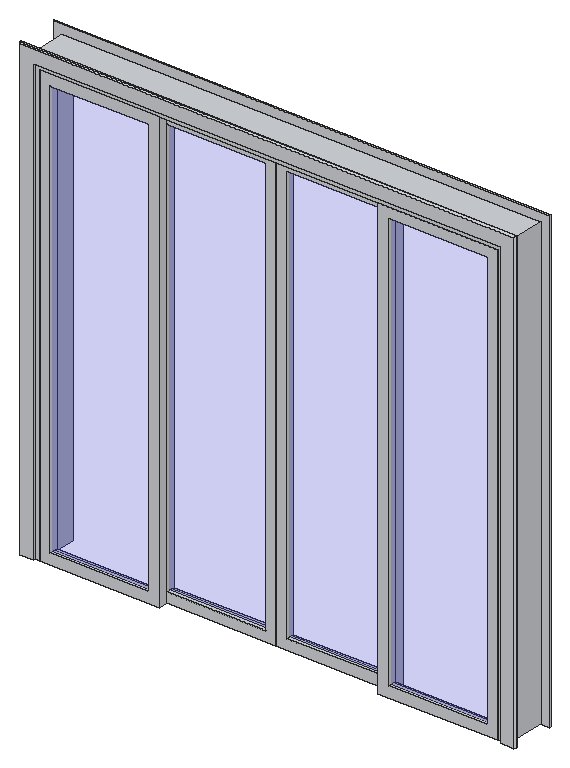
Revit family "Porta envidraçada de correr quádrupla com revestimento", category Portas, Revit 2019
Family settings
  Hospedeiro = Parede
  Número OmniClass = 23.30.10.00
  Título OmniClass = Doors
  Sempre na vertical = Sim
  Corte com vazios quando carregada = Não
  Compartilhado = Não
  Ponto de cálculo do ambiente = Não
Parameters (values of type "2320 x 2180mm")
  Visual Light Transmittance = 0.9
  Largura da apara = 70 mm
  Espessura da apara = 10 mm
  Material da apara = none
  Espessura = 0 mm
  Solar Heat Gain Coefficient = 0.78
  Rough Width = Width  # 2320 mm
  Rough Height = Height  # 2180 mm
  Largura da moldura do painel = 50 mm
  Espessura da moldura do painel = 40 mm
  ID do tipo de construção = ""
  Coeficiente de transferência de calor (U) = 3.6886 W/(m²·K)
  Largura do puxador = 40 mm
  Material do puxador = none
  Altura do puxador = 200 mm
  Vidro = none
  Função = Exterior
  Largura da estrutura = 50 mm
  Height = 2180 mm
  Fechamento da parede = Por hospedeiro
  Width = 2320 mm
  Material da moldura = none
  Construção analítica = Vidraça única Pilkington 1/8 pol
Types (5, lengths in mm): name | Rough Width | Width
  (no name) | 2320 | 2320
  2320 x 2180mm | 2320 | 2320
  2720 x 2180mm | 2720 | 2720
  3120 x 2180mm | 3120 | 3120
  3520 x 2180mm | 3520 | 3520
Reference planes
  plane 1: y = 0
  plane 2 "Centro (Esquerda/Direita)": x = 0
  plane 3 "Esquerda": x = -1160
  plane 4 "Direita": x = 1160
  plane 5: z = 2180
  plane 6 "Exterior": y = 100
  plane 7 "Interior": y = -100
  plane 8: x = -1110
  plane 9: x = -1060
  plane 10: x = 1060
  plane 11: x = 1110
  plane 12: y = -60
  plane 13: z = 0
  plane 14: z = 2080
  plane 15: z = 50
  plane 16: z = 2130
  plane 17: z = 1065
  plane 18: x = 555
  plane 19: x = -555
  plane 20: y = -100
  plane 21: y = -55
  plane 22: y = -15
  plane 23: y = -80
  plane 24: y = -35
  plane 25: y = -28
  plane 26: y = -42
  plane 27: y = -73
  plane 28: y = -87
  plane 29: x = -580
  plane 30: x = -530
  plane 31: x = 580
  plane 32: x = 530
  plane 33: x = -50
  plane 34: x = 50
  plane 35: x = 290
  plane 36: x = -290
  plane 37: x = -25
  plane 38: x = 25
  plane 39: z = 1000
  plane 40: z = 800
  plane 41: x = 45
  plane 42: x = 5
  plane 43: x = -5
  plane 44: x = -45
  plane 45: z = 962
  plane 46: z = 838
  plane 47: x = 42
  plane 48: x = 8
  plane 49: x = -8
  plane 50: x = -42
  plane 51: z = 1065
  plane 52: x = 427.5
  plane 53: through (427.5, 300, 1065) normal (0.5, 0, 0.866)
  plane 54: through (427.5, 300, 1065) normal (-0.5, 0, 0.866)
  plane 55: x = 152.5
  plane 56: x = -427.5
  plane 57: through (-427.5, 300, 1065) normal (0.5, 0, -0.866)
  plane 58: through (-427.5, 300, 1065) normal (-0.5, 0, -0.866)
  plane 59: x = -152.5
Forms (mm)
  Sweep 1, solid, material <- "Material da moldura"
    path origin (0, 100, 0) x (1, 0, 0) y (0, 0, 1)
      loop
        line (1160, 0) -> (1160, 2180) -> (-1160, 2180) -> (-1160, 0)
    profile origin (1160, 100, 1090) x (-1, 0, 0) y (0, -1, 0)
      loop
        line (0, 0) -> (50, 0) -> (50, 200) -> (0, 200) -> (0, 0)
  Extrusion 2, solid, material <- "Vidro"
    sketch origin (0, 0, 0) x (-1, 0, 0) y (0, -1, 0)
      loop
        line (1060, 73) -> (1060, 87) -> (580, 87) -> (580, 73) -> (1060, 73)
      loop
        line (530, 28) -> (530, 42) -> (50, 42) -> (50, 28) -> (530, 28)
    from 50 to 2080
  Sweep 3, solid, material <- "Material da moldura"
    path origin (0, 100, 50) x (-1, 0, 0) y (0, 0, 1)
      loop
        line (1110, -50) -> (1110, 2080) -> (530, 2080) -> (530, -50) -> (1110, -50)
    profile origin (-1110, 100, 1065) x (-1, 0, 0) y (0, -1, 0)
      loop
        line (-50, 200) -> (-50, 160) -> (0, 160) -> (0, 200) -> (-50, 200)
  Sweep 4, solid, material <- "Material da moldura"
    path origin (0, 100, 0) x (1, 0, 0) y (0, 0, 1)
      loop
        line (0, 0) -> (580, 0) -> (580, 2130) -> (0, 2130) -> (0, 0)
    profile origin (0, 100, 1065) x (-1, 0, 0) y (0, -1, 0)
      loop
        line (-50, 115) -> (0, 115) -> (0, 155) -> (-50, 155) -> (-50, 115)
  Extrusion 5, solid, material <- "Vidro", detail levels fine
    sketch origin (0, 0, 0) x (1, 0, 0) y (0, 1, 0)
      loop
        line (1060, -73) -> (580, -73) -> (580, -87) -> (1060, -87) -> (1060, -73)
      loop
        line (530, -28) -> (50, -28) -> (50, -42) -> (530, -42) -> (530, -28)
    from 50 to 2080
  Sweep 6, solid, material <- "Material da moldura"
    path origin (0, 100, 50) x (1, 0, 0) y (0, 0, 1)
      loop
        line (1110, -50) -> (1110, 2080) -> (530, 2080) -> (530, -50) -> (1110, -50)
    profile origin (1110, 100, 1065) x (-1, 0, 0) y (0, -1, 0)
      loop
        line (50, 160) -> (50, 200) -> (0, 200) -> (0, 160) -> (50, 160)
  Extrusion 7, solid, material <- "Vidro", detail levels fine
    sketch origin (0, 190, 0) x (-1, 0, 0) y (0, -1, 0)
      loop
        line (1060, 263) -> (1060, 277) -> (580, 277) -> (580, 263) -> (1060, 263)
      loop
        line (530, 218) -> (530, 232) -> (50, 232) -> (50, 218) -> (530, 218)
    from 50 to 2080
  Extrusion 8, solid, material <- "Vidro"
    sketch origin (0, 190, 0) x (1, 0, 0) y (0, 1, 0)
      loop
        line (50, -218) -> (50, -232) -> (530, -232) -> (530, -218) -> (50, -218)
      loop
        line (580, -263) -> (580, -277) -> (1060, -277) -> (1060, -263) -> (580, -263)
    from 50 to 2080
  Sweep 9, solid, material <- "Material da moldura"
    path origin (0, 195, 0) x (-1, 0, 0) y (0, 0, 1)
      loop
        line (0, 0) -> (580, 0) -> (580, 2130) -> (0, 2130) -> (0, 0)
    profile origin (0, 195, 1065) x (-1, 0, 0) y (0, -1, 0)
      loop
        line (50, 210) -> (50, 250) -> (0, 250) -> (0, 210) -> (50, 210)
  Sweep 10, solid, material <- "Material da apara", detail levels fine
    path origin (0, -100, 0) x (1, 0, 0) y (0, 0, 1)
      loop
        line (1160, 0) -> (1160, 2180) -> (-1160, 2180) -> (-1160, 0)
    profile "Perfil da apara : Perfil da apara" origin (1160, -100, 1090) x (-1, 0, 0) y (0, -1, 0)
      loop
        line (-43, 0) -> (27, 0) -> (27, 10) -> (-37, 10) -> (-43, 4) -> (-43, 0)
  Sweep 11, solid, material <- "Material da apara", detail levels fine
    path origin (0, 100, 0) x (1, 0, 0) y (0, 0, 1)
      loop
        line (1160, 0) -> (1160, 2180) -> (-1160, 2180) -> (-1160, 0)
    profile "Perfil da apara : Perfil da apara" origin (1160, 100, 1090) x (-1, 0, 0) y (0, -1, 0)
      loop
        line (-43, 0) -> (-43, -4) -> (-37, -10) -> (27, -10) -> (27, 0) -> (-43, 0)
Lines and regions (mm)
  Opening 1
    outline origin (-3050, -100, 0) x (1, 0, 0) y (0, 0, 1)
      loop
        line (1890, 0) -> (4210, 0) -> (4210, 2180) -> (1890, 2180) -> (1890, 0)
  symbolic lines, style "Giro da elevação"
    curve 1: line (-580, 100, 2130) -> (0, 100, 0)
    curve 2: line (0, 100, 0) -> (580, 100, 2130)
    curve 3: line (580, 100, 0) -> (0, 100, 2130)
    curve 4: line (0, 100, 2130) -> (-580, 100, 0)
  model lines, style "DoorsGlassProjection", detail levels medium
    curve 5: line (1060, -80, 2080) -> (580, -80, 2080)
    curve 6: line (1060, -80, 50) -> (1060, -80, 2080)
    curve 7: line (580, -80, 50) -> (1060, -80, 50)
    curve 8: line (580, -80, 2080) -> (580, -80, 50)
    curve 9: line (-580, -80, 2080) -> (-1060, -80, 2080)
    curve 10: line (-580, -80, 50) -> (-580, -80, 2080)
    curve 11: line (-1060, -80, 50) -> (-580, -80, 50)
    curve 12: line (-1060, -80, 2080) -> (-1060, -80, 50)
    curve 13: line (530, -35, 2080) -> (50, -35, 2080)
    curve 14: line (530, -35, 50) -> (530, -35, 2080)
    curve 15: line (50, -35, 50) -> (530, -35, 50)
    curve 16: line (50, -35, 2080) -> (50, -35, 50)
    curve 17: line (-50, -35, 2080) -> (-530, -35, 2080)
    curve 18: line (-50, -35, 50) -> (-50, -35, 2080)
    curve 19: line (-530, -35, 50) -> (-50, -35, 50)
    curve 20: line (-530, -35, 2080) -> (-530, -35, 50)
  symbolic lines, style "Seta"
    curve 21: line (152.5, -35, 1065) -> (427.5, -35, 1065)
    curve 22: line (427.5, -35, 1065) -> (349.558, -35, 1110)
    curve 23: line (427.5, -35, 1065) -> (349.558, -35, 1020)
    curve 24: line (-152.5, -35, 1065) -> (-427.5, -35, 1065)
    curve 25: line (-427.5, -35, 1065) -> (-349.558, -35, 1110)
    curve 26: line (-427.5, -35, 1065) -> (-349.558, -35, 1020)
Text (mm)
  text "Externo" at (-2295.016, 1099.543, 0), in view "Nível de referência"
  text "Externo" at (0, 1615.38, 3698.081), in view "Esquerda"
  text "Externo" at (0, 1036.032, 3874.932), in view "Direita"
Dimensions and locks
  equal spacing: plane 3 "Esquerda", plane 2 "Centro (Esquerda/Direita)", plane 4 "Direita"
  "Width": plane 3 "Esquerda" to plane 4 "Direita"
  "Height": host wall to plane 5
  host wall to plane 5 = 2180 mm
  locked: plane 6 "Exterior" to host wall at 0
  locked: plane 7 "Interior" to host wall
  "Largura da estrutura": plane 3 "Esquerda" to plane 8
  "Largura da estrutura": plane 11 to plane 4 "Direita"
  "Largura da moldura do painel": plane 8 to plane 9
  "Largura da moldura do painel": plane 10 to plane 11
  "Largura da estrutura": plane 16 to plane 5
  "Largura da moldura do painel": plane 14 to plane 16
  "Largura da estrutura": plane 13 to plane 15
  "Espessura da moldura do painel": plane 12 to plane 20
  "Espessura da moldura do painel": plane 22 to plane 21
  equal spacing: plane 12, plane 23, plane 20
  equal spacing: plane 22, plane 24, plane 21
  plane 25 to plane 24 to plane 26 = 7 mm locked, 7 mm locked
  plane 28 to plane 23 to plane 27 = 7 mm locked, 7 mm locked
  equal spacing: plane 32, plane 18, plane 31
  equal spacing: plane 29, plane 19, plane 30
  "Largura da moldura do painel": plane 29 to plane 30
  "Largura da moldura do painel": plane 32 to plane 31
  "Largura da moldura do painel": plane 33 to plane 2 "Centro (Esquerda/Direita)"
  "Largura da moldura do painel": plane 2 "Centro (Esquerda/Direita)" to plane 34
  equal spacing: plane 2 "Centro (Esquerda/Direita)", plane 18, plane 11
  equal spacing: plane 8, plane 19, plane 2 "Centro (Esquerda/Direita)"
  equal spacing: plane 15, plane 17, plane 14
  equal spacing: plane 31, plane 35, plane 2 "Centro (Esquerda/Direita)"
  equal spacing: plane 2 "Centro (Esquerda/Direita)", plane 36, plane 29
  equal spacing: plane 33, plane 37, plane 2 "Centro (Esquerda/Direita)"
  equal spacing: plane 2 "Centro (Esquerda/Direita)", plane 38, plane 34
  plane 40 to plane 39 = 200 mm
  "Altura do puxador": plane 40 to plane 39
  equal spacing: plane 42, plane 38, plane 41
  "Largura do puxador": plane 42 to plane 41
  equal spacing: plane 44, plane 37, plane 43
  "Largura do puxador": plane 44 to plane 43
  locked: plane 40 to plane 46 at 38
  locked: plane 45 to plane 39 at 38
  locked: plane 47 to plane 41 at 3
  locked: plane 42 to plane 48 at 3
  locked: plane 49 to plane 43 at 3
  locked: plane 44 to plane 50 at 3
  equal spacing: plane 14, plane 51, plane 15
  locked: plane 52 to plane 55 at 275
  equal spacing: plane 52, plane 35, plane 55
  locked: curve 22 to curve 23 at 90
  locked: curve 23 to curve 23 at 90
  locked: plane 56 to plane 59 at 275
  equal spacing: plane 56, plane 36, plane 59
  locked: curve 25 to curve 26 at 90
  locked: curve 26 to curve 26 at 90
  locked: plane 21 to plane 12 at 5
  locked: plane 51 to plane 53 (angle 30.00°)
  locked: plane 54 to plane 51 (angle 30.00°)
  locked: plane 57 to plane 17 (angle 30.00°)
  locked: plane 17 to plane 58 (angle 30.00°)
  aligned and locked: plane 3 "Esquerda" to Opening 1 sketch curve
  aligned and locked: plane 5 to Opening 1 sketch curve  (x2)
  aligned and locked: Opening 1 sketch curve to plane 4 "Direita"
  aligned and locked: Opening 1 sketch curve to level
  aligned and locked: plane 1 to host wall
  aligned and locked: level to plane 13
  aligned and locked: Sweep 1 sketch curve to plane 3 "Esquerda"
  aligned and locked: plane 5 to Sweep 1 sketch curve
  aligned and locked: plane 4 "Direita" to Sweep 1 sketch curve
  aligned and locked: Sweep 1 sketch curve to profile plane
  aligned and locked: Sweep 1 sketch curve to host wall
  aligned and locked: host wall to Sweep 1 sketch curve
  aligned and locked: Sweep 1 sketch curve to plane 11
  aligned and locked: Sweep 3 sketch curve to plane 8
  aligned and locked: plane 9 to Extrusion 2 sketch curve
  aligned and locked: Sweep 3 sketch curve to plane 13
  aligned and locked: plane 16 to Sweep 3 sketch curve
  aligned and locked: plane 20 to Sweep 3 sketch curve
  aligned and locked: Sweep 3 sketch curve to plane 9
  aligned and locked: Sweep 3 sketch curve to plane 12
  aligned and locked: profile plane to Sweep 3 sketch curve
  aligned and locked: Extrusion 2 sketch curve to plane 25
  aligned and locked: plane 26 to Extrusion 2 sketch curve
  aligned and locked: Extrusion 2 sketch curve to plane 27
  aligned and locked: plane 28 to Extrusion 2 sketch curve
  aligned and locked: Extrusion 2 sketch curve to plane 29
  aligned and locked: plane 30 to Sweep 3 sketch curve
  aligned and locked: plane 30 to Extrusion 2 sketch curve
  aligned and locked: Extrusion 2 sketch curve to plane 33
  aligned and locked: plane 25 to Extrusion 5 sketch curve
  aligned and locked: Extrusion 5 sketch curve to plane 34
  aligned and locked: Extrusion 5 sketch curve to plane 26
  aligned and locked: plane 32 to Extrusion 5 sketch curve
  aligned and locked: Extrusion 5 sketch curve to plane 31
  aligned and locked: plane 10 to Extrusion 5 sketch curve
  aligned and locked: plane 27 to Extrusion 5 sketch curve
  aligned and locked: plane 28 to Extrusion 5 sketch curve
  aligned and locked: plane 14 to Extrusion 5
  aligned and locked: Extrusion 5 to plane 14  (x4)
  aligned and locked: Extrusion 5 to plane 15
  aligned and locked: plane 16 to curve 1
  aligned and locked: plane 29 to curve 1
  aligned and locked: plane 16 to curve 4
  aligned and locked: plane 16 to curve 2
  aligned and locked: plane 2 "Centro (Esquerda/Direita)" to curve 4
  aligned and locked: plane 31 to curve 2
  aligned and locked: plane 13 to curve 4
  aligned and locked: plane 29 to curve 4
  aligned and locked: plane 2 "Centro (Esquerda/Direita)" to curve 2
  aligned and locked: plane 13 to curve 2
  aligned and locked: plane 31 to curve 3
  aligned and locked: plane 13 to curve 3
  aligned and locked: Sweep 4 sketch curve to plane 2 "Centro (Esquerda/Direita)"
  aligned and locked: plane 34 to Sweep 4 sketch curve
  aligned and locked: plane 22 to Sweep 4 sketch curve
  aligned and locked: Sweep 4 sketch curve to plane 21
  aligned and locked: Sweep 6 sketch curve to plane 20
  aligned and locked: plane 12 to Sweep 6 sketch curve
  aligned and locked: plane 10 to Sweep 6 sketch curve
  aligned and locked: Sweep 6 sketch curve to plane 11
  aligned and locked: curve 6 to plane 10
  aligned and locked: plane 31 to curve 8
  aligned and locked: curve 10 to plane 29
  aligned and locked: plane 9 to curve 12
  aligned and locked: curve 9 to plane 14
  aligned and locked: curve 5 to plane 14
  aligned and locked: plane 15 to curve 11
  aligned and locked: plane 15 to curve 7
  aligned and locked: plane 30 to curve 20
  aligned and locked: curve 18 to plane 33
  aligned and locked: plane 34 to curve 16
  aligned and locked: curve 14 to plane 32
  aligned and locked: curve 13 to plane 14
  aligned and locked: curve 17 to plane 14
  aligned and locked: plane 15 to curve 15
  aligned and locked: plane 15 to curve 19
  aligned and locked: Extrusion 7 sketch curve to Extrusion 2  (x8)
  aligned and locked: Extrusion 8 sketch curve to Extrusion 5  (x8)
  aligned and locked: plane 14 to Extrusion 7
  aligned and locked: plane 14 to Extrusion 8
  aligned and locked: Extrusion 7 to plane 15
  aligned and locked: Extrusion 8 to plane 15
  aligned and locked: plane 14 to Extrusion 2
  aligned and locked: Extrusion 2 to plane 15
  aligned and locked: plane 15 to Extrusion 5  (x2)
  aligned and locked: plane 37 to nested 1
  aligned and locked: plane 38 to nested 2
  aligned and locked: nested 1 to plane 22
  aligned and locked: nested 2 to plane 22
  aligned and locked: Sweep 9 sketch curve to plane 16
  aligned and locked: plane 29 to Sweep 9 sketch curve
  aligned and locked: Sweep 9 sketch curve to plane 2 "Centro (Esquerda/Direita)"  (x2)
  aligned and locked: plane 13 to Sweep 9 sketch curve
  aligned and locked: plane 21 to Sweep 9 sketch curve
  aligned and locked: plane 33 to Sweep 9 sketch curve
  aligned and locked: Sweep 9 sketch curve to plane 22
  aligned and locked: Sweep 6 to plane 14
  aligned and locked: Sweep 9 to plane 14
  aligned and locked: Sweep 3 to plane 14
  aligned and locked: curve 22 to plane 53
  aligned and locked: curve 23 to plane 54
  aligned and locked: curve 25 to plane 57
  aligned and locked: curve 26 to plane 58
  aligned and locked: plane 20 to plane 7 "Interior"
  aligned and locked: Sweep 10 sketch curve to plane 4 "Direita"
  aligned and locked: Sweep 10 sketch curve to plane 5
  aligned and locked: plane 3 "Esquerda" to Sweep 10 sketch curve
  aligned and locked: plane 13 to Sweep 10 sketch curve
  aligned and locked: Sweep 10 sketch curve to plane 13
  aligned and locked: plane 4 "Direita" to Sweep 11 sketch curve
  aligned and locked: plane 5 to Sweep 11 sketch curve
  aligned and locked: Sweep 11 sketch curve to plane 3 "Esquerda"
  aligned and locked: plane 13 to Sweep 11 sketch curve  (x2)
Automatic sketch dimensions
  Sweep 1 sketch curve to level = 0 mm  (x2)
  Sweep 4 sketch curve to plane 2 "Centro (Esquerda/Direita)" = 0 mm
  Sweep 4 sketch curve to level = 0 mm
  Sweep 4 sketch curve to plane 31 = 0 mm
  Sweep 4 sketch curve to plane 16 = 0 mm
  Sweep 6 sketch curve to level = 0 mm
  Sweep 6 sketch curve to plane 32 = 0 mm
  Sweep 6 sketch curve to plane 11 = 0 mm
  Sweep 6 sketch curve to plane 16 = 0 mm
  curve 21 to plane 55 = 0 mm
  curve 24 to plane 59 = 0 mm
Nested families
  nested 1: "Maçaneta da porta 3" at (-25, -15, 900), type "Maçaneta da porta 3", detail levels fine
  nested 2: "Maçaneta da porta 3" at (25, -15, 900), type "Maçaneta da porta 3", detail levels fine
Definition of nested family "Maçaneta da porta 3"
  Parameters
    Width = 40 mm
    Thickness = 3 mm
    Rough Width = Width  # 40 mm
    Rough Height = Height  # 200 mm
    Height = 200 mm
    Material do puxador = none
  Reference planes
    plane 1 "Centro (Frente/Trás)": y = 0
    plane 2: z = 0
    plane 3 "Centro (Esquerda/Direita)": x = 0
    plane 4: x = -20
    plane 5: x = 20
    plane 6: y = 3
    plane 7: z = 100
    plane 8: z = -100
    plane 9: y = -10
    plane 10: x = 15
    plane 11: x = -15
    plane 12: z = 60
    plane 13: z = -60
    plane 14: z = 85
    plane 15: z = -85
    plane 16: z = 62
    plane 17: x = 17
    plane 18: x = -17
    plane 19: z = -62
    plane 20: y = -8
    plane 21: y = -15
  Forms (mm)
    Extrusion 1, solid, material <- "Material do puxador"
      sketch origin (0, 0, 0) x (1, 0, 0) y (0, 0, 1)
        loop
          line (10, 100) -> (-10, 100)
          arc (-10, 100) -> (-17.071, 97.071) -> (-20, 90) r 10
          line (-20, 90) -> (-20, -90)
          arc (-20, -90) -> (-17.071, -97.071) -> (-10, -100) r 10
          line (-10, -100) -> (10, -100)
          arc (10, -100) -> (17.071, -97.071) -> (20, -90) r 10
          line (20, -90) -> (20, 90)
          arc (20, 90) -> (17.071, 97.071) -> (10, 100) r 10
        loop
          line (10, 60) -> (-10, 60)
          arc (-10, 60) -> (-13.536, 58.536) -> (-15, 55) r 5
          line (-15, 55) -> (-15, -55)
          arc (-15, -55) -> (-13.536, -58.536) -> (-10, -60) r 5
          line (-10, -60) -> (10, -60)
          arc (10, -60) -> (13.536, -58.536) -> (15, -55) r 5
          line (15, -55) -> (15, 55)
          arc (15, 55) -> (13.536, 58.536) -> (10, 60) r 5
        loop
          circle (0, 85) r 5
        loop
          circle (0, -85) r 5
      from -3 to 0
    Extrusion 2, solid, material <- "Material do puxador"
      sketch origin (0, 0, 0) x (1, 0, 0) y (0, 0, 1)
        loop
          arc (-10, 60) -> (-13.536, 58.536) -> (-15, 55) r 5
          line (-15, 55) -> (-15, -55)
          arc (-15, -55) -> (-13.536, -58.536) -> (-10, -60) r 5
          line (-10, -60) -> (10, -60)
          arc (10, -60) -> (13.536, -58.536) -> (15, -55) r 5
          line (15, -55) -> (15, 55)
          arc (15, 55) -> (13.536, 58.536) -> (10, 60) r 5
          line (10, 60) -> (-10, 60)
        loop
          arc (-10, 62) -> (-14.95, 59.95) -> (-17, 55) r 7
          line (-17, 55) -> (-17, -55)
          arc (-17, -55) -> (-14.95, -59.95) -> (-10, -62) r 7
          line (-10, -62) -> (10, -62)
          arc (10, -62) -> (14.95, -59.95) -> (17, -55) r 7
          line (17, -55) -> (17, 55)
          arc (17, 55) -> (14.95, 59.95) -> (10, 62) r 7
          line (10, 62) -> (-10, 62)
      from 0 to 10
    Extrusion 3, solid, material <- "Material do puxador"
      sketch origin (0, 0, 0) x (1, 0, 0) y (0, 0, 1)
        loop
          arc (-10, 60) -> (-13.536, 58.536) -> (-15, 55) r 5
          line (-15, 55) -> (-15, -55)
          arc (-15, -55) -> (-13.536, -58.536) -> (-10, -60) r 5
          line (-10, -60) -> (10, -60)
          arc (10, -60) -> (13.536, -58.536) -> (15, -55) r 5
          line (15, -55) -> (15, 55)
          arc (15, 55) -> (13.536, 58.536) -> (10, 60) r 5
          line (10, 60) -> (-10, 60)
      from 8 to 10
    Extrusion 4, void
      sketch origin (0, 0, 0) x (1, 0, 0) y (0, 0, 1)
        loop
          line (-17, 62) -> (-17, -62) -> (17, -62) -> (17, 62) -> (-17, 62)
      from 0 to 15
  Cuts and joins
    Extrusion 4 cuts Extrusion 1
    Extrusion 4 cuts Extrusion 2
    Extrusion 4 cuts Extrusion 3
    joined: Extrusion 1, Extrusion 2, Extrusion 3
  Dimensions and locks
    equal spacing: plane 4, plane 3 "Centro (Esquerda/Direita)", plane 5
    "Thickness": plane 6 to plane 1 "Centro (Frente/Trás)"
    "Width": plane 4 to plane 5
    equal spacing: plane 7, plane 2, plane 8
    "Height": plane 7 to plane 8
    locked: plane 10 to plane 5 at 5
    locked: plane 4 to plane 11 at 5
    locked: plane 8 to plane 13 at 40
    locked: plane 12 to plane 7 at 40
    locked: plane 14 to plane 7 at 15
    locked: plane 8 to plane 15 at 15
    locked: plane 9 to cut or joined group of Extrusion 1, Extrusion 2, Extrusion 3, Extrusion 4 at 10
    locked: plane 18 to plane 11 at 2
    locked: plane 19 to plane 13 at 2
    locked: plane 12 to plane 16 at 2
    locked: plane 10 to plane 17 at 2
    locked: plane 20 to plane 9 at 2
    locked: plane 9 to plane 21 at 5
    radius of Extrusion 1 sketch curve = 10 mm  (x4)
    radius of Extrusion 1 sketch curve = 5 mm  (x6)
    radius of Extrusion 2 sketch curve = 7 mm  (x4)
    aligned and locked: level to plane 2
    aligned and locked: plane 7 to Extrusion 1 sketch curve
    aligned and locked: plane 5 to Extrusion 1 sketch curve
    aligned and locked: Extrusion 1 sketch curve to plane 8
    aligned and locked: Extrusion 1 sketch curve to plane 4
    aligned and locked: plane 12 to Extrusion 1 sketch curve
    aligned and locked: Extrusion 1 sketch curve to plane 10
    aligned and locked: Extrusion 1 sketch curve to plane 13
    aligned and locked: plane 11 to Extrusion 1 sketch curve
    aligned and locked: plane 6 to Extrusion 1
    aligned and locked: plane 1 "Centro (Frente/Trás)" to Extrusion 1
    aligned and locked: plane 14 to Extrusion 1 sketch curve
    aligned and locked: plane 3 "Centro (Esquerda/Direita)" to Extrusion 1 sketch curve  (x2)
    aligned and locked: plane 15 to Extrusion 1 sketch curve
    aligned and locked: Extrusion 2 sketch curve to Extrusion 1  (x4)
    aligned and locked: Extrusion 2 to plane 1 "Centro (Frente/Trás)"
    aligned and locked: Extrusion 2 to plane 9
    aligned and locked: plane 16 to Extrusion 2 sketch curve
    aligned and locked: Extrusion 2 sketch curve to plane 17
    aligned and locked: plane 19 to Extrusion 2 sketch curve
    aligned and locked: Extrusion 2 sketch curve to plane 18
    aligned and locked: Extrusion 3 sketch curve to cut or joined group of Extrusion 1, Extrusion 2, Extrusion 3, Extrusion 4  (x4)
    aligned and locked: plane 20 to Extrusion 3
    aligned and locked: Extrusion 3 to plane 9
    aligned and locked: Extrusion 4 sketch curve to plane 16
    aligned and locked: plane 18 to Extrusion 4 sketch curve
    aligned and locked: Extrusion 4 sketch curve to plane 19
    aligned and locked: plane 17 to Extrusion 4 sketch curve
    aligned and locked: Extrusion 4 to plane 1 "Centro (Frente/Trás)"
    aligned and locked: Extrusion 4 to plane 21
  Automatic sketch dimensions
    Extrusion 1 sketch curve to plane 4 = 0 mm
    Extrusion 1 sketch curve to plane 5 = 0 mm
